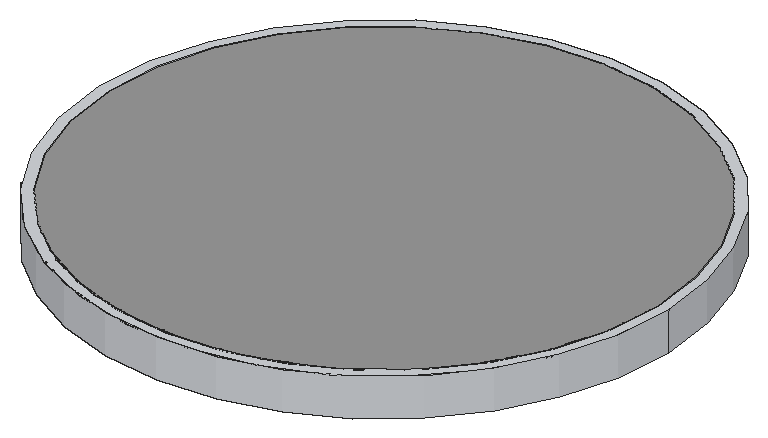
Revit family "2071244", category Lighting Fixtures, host Face, Revit 2018
Family settings
  Host = Face
  Round Connector Dimension = Use Diameter
  Part Type = Normal
  OmniClass Number = 23.80.70.00
  OmniClass Title = Lighting
  Cut with Voids When Loaded = No
  Light Source = Yes
  Shared = No
  Room Calculation Point = No
Parameters (values of type "2071244 COLOSSAL 900 840 OP DIR WHT SSC")
  iner diameter = 856 mm
  Weight = "n/a"
  Wattage Comments = ""
  Wattage = 30 W
  WarrantyStartDate [instance] = "n/a"
  WarrantyGuarantorParts = "n/a"
  WarrantyDurationUnit = "n/a"
  WarrantyDurationParts = ""
  WarrantyDescription = "http://www.sylvania-lighting.com"
  built-in parameter 1150110 = 1 (stored number, unit not read)
  Voltage = 230 V
  URL = "0.95"
  TypeName = "COLOSSAL 900mm 840 OPAL DIR WHITE SSC"
  Type Image = <None>
  Type Comments = "n/a"
  built-in parameter 1114217 = 1 (stored number, unit not read)
  Tilt Angle = -90.00°
  built-in parameter 1150109 = 1 (stored number, unit not read)
  built-in parameter 1150134 = (empty or 0)
  built-in parameter 1150113 = 1 (stored number, unit not read)
  SerialNumber [instance] = "n/a"
  Photometric Web File = "2071244.ies"
  Material_3_SYL = LED-Sylvania
  PowerFactor = 0
  PowerConsumption = "Lighting"
  NominalLength = 888 mm
  NominalHeight = 93 mm
  NominalDepth = 888 mm
  Name = "COLOSSAL 900mm 840 OPAL DIR WHITE SSC"
  ModelReference = Name  # "COLOSSAL 900mm 840 OPAL DIR WHITE SSC"
  ModelNumber = "2071244"
  Model = Name  # "COLOSSAL 900mm 840 OPAL DIR WHITE SSC"
  Material = "Feilo Sylvania"
  ManufacturerName = "142 lm/W"
  Manufacturer = ""
  LuminousEfficacy = ""
  built-in parameter 1150105 = 270.44 (stored number, unit not read)
  Lumens = 3398.4 lm
  LuminaireType = "0"
  built-in parameter 1150115 = 1 (stored number, unit not read)
  LightOutputRatio = "LED"
  built-in parameter 1150137 = (empty or 0)
  built-in parameter 1150139 = (empty or 0)
  LampsType = Lamp  # "n/a"
  LampNominalLuminous = "4000 K"
  LampMacAdamStep = "80"
  LampColourTemperature = "LED"
  LampColourRenderingIndex = "16500"
  built-in parameter 1150112 = 1 (stored number, unit not read)
  built-in parameter 1150114 = 1 (stored number, unit not read)
  Lamp = "n/a"
  Keynote = "n/a"
  InstallationDate [instance] = "n/a"
  InputVoltage = "0"
  InputNominalFrequency = "4000"
  built-in parameter 1150132 = (empty or 0)
  built-in parameter 1150102 = (empty or 0)
  built-in parameter 1150107 = 3000 (stored number, unit not read)
  built-in parameter 1150138 = (empty or 0)
  IngressProtection = "IfcLightFixtureType"
  ImpactProtectionIndex = "IfcLightFixtureType"
  built-in parameter 1150106 = 2.7044 (stored number, unit not read)
  IfcExportType = "IfcLightFixtureType"
  IfcExportAs = "Class I"
  Emit from Circle Diameter = 385 mm
  Emit Shape Visible in Rendering = no
  ElectricShockClassification = "142"
  built-in parameter 1150104 = 10.524 (stored number, unit not read)
  DocumentationLiterature = "http://www.sylvania-lighting.com/product/en-int/products/2071244"
  DimmingControlOptions = "n/a"
  Material_2_SYL = Polycarbonate_Sylvania_White
  Dimming Lamp Color Temperature Shift = <None>
  Description = "900mm diameter circular architectural luminaire, can be surface mounted or suspended. Powder coated aluminium housing (RAL9016) with polycarbonate opal diffuser. Direct light distribution, 10890lm luminuous flux, 76.8W system power, 142lm/W luminiaire efficacy. Sylsmart Standalone enabled. Colour rendering index Ra >80, 4000K Neutral White LED, chromaticity tolerance of 3-step MacAdam ellipse. IP40/IP20, IK03. 450mA drive current. Electrical protection Class1, 220-240V. Reported lifetime 66k hours L90B10."
  Default Elevation = 1219.2 mm
  CreatedOn = "23/03/2022"
  CreatedBy = "@sylvania-lighting.com"
  Cost = 0
  Color Filter = 16777215
  built-in parameter 1114216 [instance] = (empty or 0)
  ClassificationValue = "EF_70_80"
  ClassificationName = "Uniclass2015"
  Material_1_SYL = Polycarbonate_Sylvania_Opal
  BarCode [instance] = "n/a"
  built-in parameter 1114218 = 1 (stored number, unit not read)
  built-in parameter 1150133 = 10 (stored number, unit not read)
  AssetType = "Fixed"
  AssetIdentifier [instance] = "n/a"
  Assembly Code = "D5020200"
  Apparent Load = 76.8 VA
  Material_4_SYL = none
Reference planes
  plane 1 "Center (Front/Back)": y = 0
  plane 2: z = 0
  plane 3 "Center (Left/Right)": x = 0
  plane 4: z = 1.161
  plane 5: z = 16.161
  plane 6: x = -444
  plane 7: x = 444
  plane 8: y = 444
  plane 9: y = -444
  plane 10: y = 236
  plane 11: y = -236
  plane 12: x = 85
  plane 13: x = -85
  plane 14: through (0, 0, 1219.2) normal (0.5, 0.866, 0)
  plane 15: through (42.5, 73.612, 1219.2) normal (0.5, 0.866, 0)
  plane 16: through (-42.5, -73.612, 1219.2) normal (0.5, 0.866, 0)
  plane 17: through (0, 0, 1219.2) normal (0.5, -0.866, 0)
  plane 18: through (-42.5, 73.612, 1219.2) normal (0.5, -0.866, 0)
  plane 19: through (42.5, -73.612, 1219.2) normal (0.5, -0.866, 0)
  plane 20: z = 93
  plane 21: y = 428
  plane 22: y = -428
Forms (mm)
  Extrusion 1, solid, detail levels medium+fine
    sketch origin (0, 0, 0) x (0.866025, -0.5, 0) y (0.5, 0.866025, 0)
      loop
        circle (-50, 86.603) r 22
    from 0 to 2
  Extrusion 2, solid, detail levels medium+fine
    sketch origin (0, 0, 0) x (0.866025, -0.5, 0) y (0.5, 0.866025, 0)
      loop
        circle (100, 0) r 22
      loop
        circle (-50, -86.603) r 22
    from 0 to 2
  Blend 3, solid, detail levels medium+fine
    base sketch origin (0, 0, 0) x (1, 0, 0) y (0, 1, 0)
      loop
        line (-85, 236) -> (-246.882, -44.388) -> (-161.882, -191.612) -> (161.882, -191.612) -> (246.882, -44.388) -> (85, 236) -> (-85, 236)
    top sketch origin (0, 0, 0) x (1, 0, 0) y (0, 1, 0)
      loop
        line (-85, 283.076) -> (-287.651, -67.926) -> (-207.792, -218.119) -> (207.792, -218.119) -> (292.5, -71.401) -> (85, 283.076) -> (-85, 283.076)
    from 0 to 33.022
  Extrusion 4, solid, detail levels medium+fine
    sketch origin (0, 0, 0) x (1, 0, 0) y (0, 1, 0)
      loop
        circle (0, 0) r 444
    from 33.022 to 93
  Extrusion 5, void
    sketch origin (0, 0, 0) x (1, 0, 0) y (0, 1, 0)
      loop
        circle (0, 0) r 428
    from 96.588 to 37.292
  Extrusion 6, solid, material "Glass, White, High Luminance", detail levels fine
    sketch origin (0, 0, 0) x (1, 0, 0) y (0, 1, 0)
      loop
        circle (0, 0) r 428
    from 87.991 to 93
  Extrusion 7, solid, detail levels coarse
    sketch origin (0, 0, 0) x (1, 0, 0) y (0, 1, 0)
      loop
        line (-444, 444) -> (-444, -444) -> (444, -444) -> (444, 444) -> (-444, 444)
    from 0 to 93.648
Cuts and joins
  Extrusion 5 cuts Extrusion 1
  Extrusion 5 cuts Extrusion 2
  Extrusion 5 cuts Blend 3
  Extrusion 5 cuts Extrusion 4
Lines and regions (mm)
  model lines, detail levels medium+fine
    curve 1: circle (0, 0, 0) r 100 normal (0, 0, 1)
Dimensions and locks
  "NominalDepth": plane 8 to plane 9
  plane 8 to plane 1 "Center (Front/Back)" to plane 9 = 444 mm, 444 mm
  "NominalLength": plane 6 to plane 7
  equal spacing: plane 6, plane 3 "Center (Left/Right)", plane 7
  "NominalHeight": level to plane 20
  "iner diameter": plane 21 to plane 22
  equal spacing: plane 21, plane 1 "Center (Front/Back)", plane 22
  aligned and locked: plane 2 to host face
  aligned and locked: level to host face
Automatic sketch dimensions
  host sketch curve to host sketch curve = 2438.4 mm  (x2)
  Extrusion 1 sketch curve to plane 3 "Center (Left/Right)" = 0 mm
  Extrusion 1 sketch curve to plane 1 "Center (Front/Back)" = 100 mm
  plane 1 "Center (Front/Back)" to Extrusion 2 sketch curve = 50 mm
  Extrusion 2 sketch curve to plane 3 "Center (Left/Right)" = 86.603 mm
  Extrusion 2 sketch curve to Extrusion 2 sketch curve = 150 mm
  Extrusion 2 sketch curve to Extrusion 2 sketch curve = 86.603 mm
  plane 1 "Center (Front/Back)" to curve 1 = 0 mm
  curve 1 to plane 3 "Center (Left/Right)" = 0 mm
  plane 18 to Blend 3 sketch curve = 0 mm  (x2)
  plane 19 to Blend 3 sketch curve = 0 mm  (x2)
  Blend 3 sketch curve to plane 10 = 0 mm
  Blend 3 sketch curve to plane 13 = 0 mm  (x2)
  Blend 3 sketch curve to plane 12 = 0 mm  (x2)
  Blend 3 sketch curve to plane 16 = 0 mm  (x2)
  Blend 3 sketch curve to plane 15 = 0 mm
  plane 11 to Blend 3 sketch curve = 44.388 mm
  plane 1 "Center (Front/Back)" to Blend 3 sketch curve = 44.388 mm  (x2)
  plane 11 to Blend 3 sketch curve = 17.881 mm
  plane 1 "Center (Front/Back)" to Blend 3 sketch curve = 67.926 mm
  plane 1 "Center (Front/Back)" to Blend 3 sketch curve = 71.401 mm
  Blend 3 sketch curve to plane 7 = 151.5 mm
  plane 10 to Blend 3 sketch curve = 47.076 mm
  plane 1 "Center (Front/Back)" to Extrusion 4 sketch curve = 0 mm
  Extrusion 4 sketch curve to plane 3 "Center (Left/Right)" = 0 mm
  plane 1 "Center (Front/Back)" to Extrusion 5 sketch curve = 0 mm
  Extrusion 5 sketch curve to plane 3 "Center (Left/Right)" = 0 mm
  plane 1 "Center (Front/Back)" to Extrusion 6 sketch curve = 0 mm
  Extrusion 6 sketch curve to plane 3 "Center (Left/Right)" = 0 mm
  Extrusion 7 sketch curve to plane 6 = 0 mm
  Extrusion 7 sketch curve to plane 7 = 0 mm
  Extrusion 7 sketch curve to plane 9 = 0 mm
  Extrusion 7 sketch curve to plane 8 = 0 mm
  radius of Extrusion 1 sketch curve = 22 mm
  radius of Extrusion 2 sketch curve = 22 mm  (x2)
  radius of curve 1 = 100 mm
  radius of Extrusion 4 sketch curve = 444 mm
  radius of Extrusion 5 sketch curve = 428 mm
  radius of Extrusion 6 sketch curve = 428 mm
Connectors
  electrical at (0, 0, 0), driven by "Apparent Load", driven by "PowerFactor", driven by "Voltage"
    settings: index 1, voltage 230 V, apparent load 76.8 VA, apparent load phase1 0 VA, apparent load phase2 0 VA, apparent load phase3 0 VA, power factor 0, load classification "Lighting", number of poles 1, system type 30, power factor state 1, is connector primary yes, connector utility no, sub classification motor no, connector description ""
